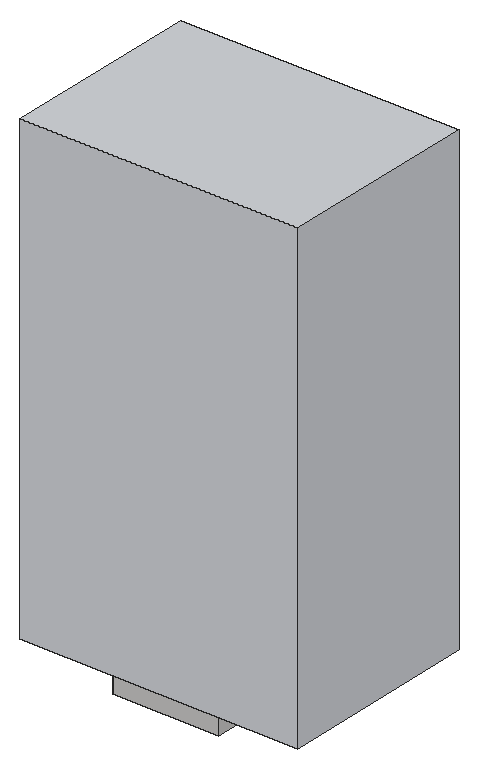
Revit family
Parameters
  Warranty Duration (Years) = 0
  Unit Width [instance] = 0' - 0"
  Unit Height [instance] = 0' - 0"
  Unit Depth = 0' - 0"
  URL = "http://www.americanspecialties.com/viewCategories.cfm"
  Test Data = ""
  Specification = "http://www.arcat.com/sdspecs/htm/10810asi.htm"
  SpecWizard = ""
  Send Message = "http://www.arcat.com/users.pl?action=UserEmail&company=American%20Specialties,%20Inc.&coid=30448&rep=139&fax=914-476-0688&mf="
  Sales Information = "http://www.americanspecialties.com/contact"
  Revision = "R1_10-2010"
  Product Properties = "http://www.americanspecialties.com/datasheets/045224A-9.pdf"
  Product Data = "http://www.arcat.com/arcatcos/cos30/arc30448.html"
  Trim Material [instance] = Metal - Stainless Steel
  Model = "As Specified in 10 28 13"
  Manufacturer Website = "http://www.americanspecialties.com/viewCategories.cfm"
  Manufacturer Phone - Toll Free = ""
  Manufacturer Phone = "914-476-9000 "
  Manufacturer Fax = "914-476-0688"
  Manufacturer Address = "441 Saw Mill River Rd., Yonkers, NY 10701"
  Manufacturer = "American Specialties, Inc."
  Maintenance Schedule (Months) = 0
  Keynote = "10 28 13"
  Installation-Fabrication = "http://www.americanspecialties.com/products.cfm"
  Green Building-LEED = ""
  Expected Lifespan (Years) = 0
  Drawn By = "Robert S. Weygant. CSI, CDT, SCIP"  # constant formula
  Description = "Toilet Accessory as Specified in 10 28 13"
  Default Elevation = 4' - 0"
  Copyright = "©Arcat Inc."
  Construction Details = "http://www.arcat.com/green/clients/leed_data_30448.html"
  Building Codes = "http://www.americanspecialties.com/products.cfm"
  Body Material [instance] = Metal - Stainless Steel
  Assembly Code = "C1030210"
Reference planes (in)
  plane 1 "Center (Front/Back)": y = 1.02138
  plane 2 "Floor Line": z = 0
  plane 3 "Center (Left/Right)": x = -0.65843
  plane 4: x = -9.28343
  plane 5: x = 7.96657
  plane 6: z = 6.25
  plane 7: z = 0
  plane 8: y = -0.29112
  plane 9: y = 14.95888
  plane 10: y = -15.54112
  plane 11: z = -4
  plane 12: z = 6.25
Forms (in)
  Extrusion 1, solid
    sketch origin (-3.62887, -9, -6) x (0, 0, -1) y (1, 0, 0)
      loop
        line (-82, 26) -> (-82, -19.34712) -> (-6, -19.34712) -> (-6, 26) -> (-82, 26)
    from 8.29112 to -24.38084
  Extrusion 2, solid, material "Metal - Stainless Steel" <- "Trim Material"
    sketch origin (0, 0, 0) x (1, 0, 0) y (0, 1, 0)
      loop
        line (-9.28343, 14.95888) -> (-9.28343, -15.54112) -> (7.96657, -15.54112) -> (7.96657, 14.95888) -> (-9.28343, 14.95888)
      loop
        line (-8.28343, -14.54112) -> (6.96657, -14.54112) -> (6.96657, 13.95888) -> (-8.28343, 13.95888) -> (-8.28343, -14.54112)
    from 0 to 0.25
  Extrusion 3, solid, material "Metal - Stainless Steel" <- "Trim Material"
    sketch origin (0, 1.25, 0) x (1, 0, 0) y (0, 1, 0)
      loop
        line (-8.15843, 12.58388) -> (-8.15843, -0.22862) -> (6.84157, -0.22862) -> (6.84157, 12.58388) -> (-8.15843, 12.58388)
    from 6.22698 to 6.25
  Extrusion 4, solid, material "Metal - Stainless Steel" <- "Body Material"
    sketch origin (0, 0, -10.25) x (1, 0, 0) y (0, 1, 0)
      loop
        line (-9.28343, -15.54112) -> (7.96657, -15.54112) -> (7.96657, 14.95888) -> (-9.28343, 14.95888) -> (-9.28343, -15.54112)
      loop
        line (-9.22093, -15.47862) -> (7.90407, -15.47862) -> (7.90407, 14.89638) -> (-9.22093, 14.89638) -> (-9.22093, -15.47862)
    from 6.25 to 10.25
  Extrusion 5, solid, material "Metal - Stainless Steel" <- "Trim Material"
    sketch origin (0, 0, 6) x (1, 0, 0) y (0, 1, 0)
      loop
        circle (-7.22093, 6.20888) r 0.5
      loop
        line (-7.29666, 6.57741) -> (-7.29666, 5.88237) -> (-7.13348, 5.88237) -> (-7.13348, 6.57741) -> (-7.29666, 6.57741)
    from 0.25 to 0.40332
  Extrusion 6, solid, material "Metal - Stainless Steel" <- "Body Material"
    sketch origin (-0.65843, 1.25, 6.3975) x (0, 1, 0) y (0, 0, 1)
      loop
        line (-0.29112, -1.24866) -> (-2.42991, -1.78192)
        arc (-2.42991, -1.78192) -> (-4.34122, -3.02314) -> (-5.08319, -5.17795) r 3.5
        line (-5.08319, -5.17795) -> (-5.08319, -10.03257) -> (-4.33319, -10.03257) -> (-4.33319, -5.37327)
        arc (-4.33319, -5.37327) -> (-3.69722, -3.52629) -> (-2.05895, -2.46239) r 3
        line (-2.05895, -2.46239) -> (-0.29112, -2.02162) -> (-0.29112, -1.24866)
      loop
        line (9.95677, -10.03257) -> (9.84169, -8.71725)
        arc (9.84169, -8.71725) -> (9.52641, -8.06799) -> (8.97593, -7.60118) r 1.75
        arc (8.97593, -7.60118) -> (4.2663, -6.30118) -> (-0.53765, -7.19153) r 10.88794
        line (-0.53765, -7.19153) -> (-1.54112, -8.195) -> (-1.54112, -10.03257) -> (9.95677, -10.03257)
    from -6.58612 to 6.66597
  Extrusion 7, void
    sketch origin (0, 2, 0) x (0, -1, 0) y (1, 0, 0)
      loop
        arc (2.86426, -4.90843) -> (2.93748, -5.08521) -> (3.11426, -5.15843) r 0.25
        line (3.11426, -5.15843) -> (4.61426, -5.15843)
        arc (4.61426, -5.15843) -> (4.79104, -5.08521) -> (4.86426, -4.90843) r 0.25
        line (4.86426, -4.90843) -> (4.86426, 3.59157)
        arc (4.86426, 3.59157) -> (4.79104, 3.76834) -> (4.61426, 3.84157) r 0.25
        line (4.61426, 3.84157) -> (3.11426, 3.84157)
        arc (3.11426, 3.84157) -> (2.93748, 3.76834) -> (2.86426, 3.59157) r 0.25
        line (2.86426, 3.59157) -> (2.86426, -4.90843)
    from 1.05116 to 5.27184
  Extrusion 8, void
    sketch origin (-43.63679, -33.32909, 0) x (1, 0, 0) y (0, 1, 0)
      loop
        line (34.31881, 48.36056) -> (34.31881, 17.72716) -> (51.62974, 17.72716) -> (51.62974, 48.36056) -> (34.31881, 48.36056)
    from -4 to 0
  Extrusion 9, void
    sketch origin (0, 1.25, 0) x (1, 0, 0) y (0, 1, 0)
      loop
        line (-7.24455, -1.03938) -> (-6.99455, -1.03938) -> (-6.51697, -4.43757)
        arc (-6.51697, -4.43757) -> (-6.26631, -4.89922) -> (-5.77427, -5.08319) r 0.75
        line (-5.77427, -5.08319) -> (4.4574, -5.08319)
        arc (4.4574, -5.08319) -> (4.94944, -4.89922) -> (5.2001, -4.43757) r 0.75
        line (5.2001, -4.43757) -> (5.67768, -1.03938) -> (5.92768, -1.03938) -> (5.92768, 0.21062)
        arc (5.92768, 0.21062) -> (5.77927, 4.46062) -> (5.33475, 8.68991) r 60.92624
        line (5.33475, 8.68991) -> (5.08475, 8.68991) -> (4.91245, 9.7778)
        arc (4.91245, 9.7778) -> (4.82789, 9.92879) -> (4.66553, 9.98869) r 0.25
        line (4.66553, 9.98869) -> (-5.98239, 9.98869)
        arc (-5.98239, 9.98869) -> (-6.14476, 9.92879) -> (-6.22932, 9.7778) r 0.25
        line (-6.22932, 9.7778) -> (-6.40162, 8.68991) -> (-6.65162, 8.68991)
        arc (-6.65162, 8.68991) -> (-7.09614, 4.46062) -> (-7.24455, 0.21062) r 60.92624
        line (-7.24455, 0.21062) -> (-7.24455, -1.03938)
      loop
        line (-8.00632, 10.38832) -> (-8.00632, -5.36168) -> (6.49368, -5.36168) -> (6.49368, 10.38832) -> (-8.00632, 10.38832)
    from -3.63507 to 5.92117
  Extrusion 10, solid, material "Metal - Stainless Steel" <- "Body Material"
    sketch origin (0, 0, 0) x (1, 0, 0) y (0, 1, 0)
      loop
        line (-8.28343, 0.95888) -> (6.96657, 0.95888) -> (6.96657, 13.95888) -> (-8.28343, 13.95888) -> (-8.28343, 0.95888)
      loop
        line (-8.15843, 13.83388) -> (-8.15843, 1.02138) -> (6.84157, 1.02138) -> (6.84157, 13.83388) -> (-8.15843, 13.83388)
    from 0 to 6.25
  Extrusion 11, solid, material "Metal - Stainless Steel" <- "Body Material"
    sketch origin (0, 0, 0) x (1, 0, 0) y (0, 1, 0)
      loop
        line (-7.74724, -4.21087) -> (6.43037, -4.21087) -> (6.43037, 12.28913) -> (-7.74724, 12.28913) -> (-7.74724, -4.21087)
    from -4 to -3.63507
Cuts and joins
  Extrusion 7, Extrusion 9 cuts Extrusion 2
  Extrusion 7, Extrusion 9 cuts Extrusion 6
  joined: Extrusion 6, Extrusion 11
  Extrusion 7, Extrusion 9 cuts Extrusion 4
Dimensions and locks (in)
  aligned and locked: plane 4 to Extrusion 2 sketch curve
  aligned and locked: Extrusion 2 sketch curve to plane 5
  aligned and locked: Extrusion 2 to level
  aligned and locked: plane 6 to Extrusion 3
  aligned and locked: plane 9 to Extrusion 2 sketch curve
  aligned and locked: plane 10 to Extrusion 2 sketch curve
  aligned and locked: Extrusion 9 to cut or joined group of Extrusion 6, Extrusion 7, Extrusion 9, Extrusion 11
  aligned and locked: cut or joined group of Extrusion 2, Extrusion 7, Extrusion 9 to Extrusion 10 sketch curve
  aligned and locked: Extrusion 10 sketch curve to cut or joined group of Extrusion 2, Extrusion 7, Extrusion 9  (x2)
  aligned and locked: plane 12 to Extrusion 10
  aligned and locked: Extrusion 3 to Extrusion 5
